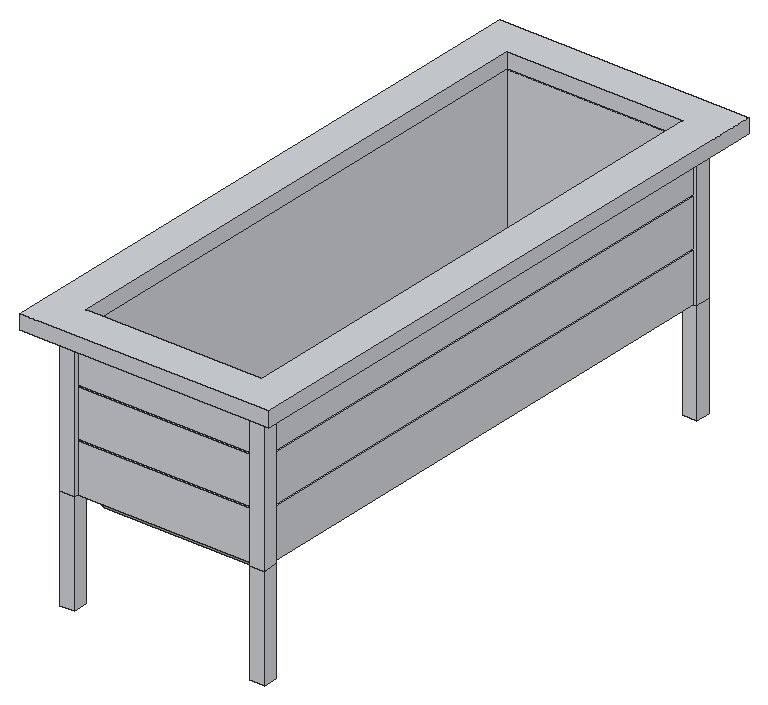
Revit family "Planter_Elevated_CityScapes", category Generic Models, Revit 2020
Family settings
  Can host rebar = No
  Round Connector Dimension = Use Diameter
  Part Type = Normal
  Work Plane-Based = No
  Always vertical = Yes
  Cut with Voids When Loaded = No
  Shared = No
  Room Calculation Point = No
Parameters (values of type "24 X 72 X 34")
  VoidDepth = 0' - 0 1/4"
  URL = "https://cityscapesinc.com/products/envisor"
  Trim_Width = 0' - 3"
  Trim_Depth = 0' - 2"
  Specification = "https://www.arcat.com/company/cityscapes-international-inc-40042/spec"
  Product Page URL = "https://www.arcat.com/arcatcos/cos40/arc40042.html"
  Planter_Material [instance] = none
  PL_Width = 2' - 0"
  PL_Length = 6' - 0"
  PL_LegHeight = 1' - 2"
  PL_Height = 1' - 8"
  PL_FrameThickness = 0' - 2"
  Material = none
  Manufacturer = "Envisor"
  Keynote = "32 94 33"
  Fascia_Depth = 0' - 0 5/8"
  Default Elevation = 0' - 0"
  Copyright = "ARCAT"
  CAD Details = "https://www.arcat.com/company/cityscapes-international-inc-40042/cad"
Types (4): name | Trim_Width | Trim_Depth | PL_Width | PL_Length | PL_LegHeight | PL_Height
  24 X 60 X34 | 0' - 4" | 0' - 0 3/4" | 2' - 0" | 5' - 0" | 1' - 2" | 1' - 8"
  24 X 48 X 34 | 0' - 4" | 0' - 0 3/4" | 4' - 0" | 1' - 6" | 1' - 0" | 2' - 0"
  18 X 48 X 34 | 0' - 4" | 0' - 0 3/4" | 1' - 6" | 4' - 0" | 1' - 2" | 1' - 8"
  24 X 72 X 34 | 0' - 3" | 0' - 2" | 2' - 0" | 6' - 0" | 1' - 2" | 1' - 8"
Reference planes (in)
  plane 1 "Center (Front/Back)": y = 0
  plane 2: z = 0
  plane 3 "Center (Left/Right)": x = 0
  plane 4: z = 14
  plane 5: z = 20.66667
  plane 6: z = 34
  plane 7: z = 36
  plane 8: y = 41
  plane 9: y = -41
  plane 10: y = 38
  plane 11: y = -38
  plane 12: x = -14
  plane 13: x = -12
  plane 14: x = 12
  plane 15: x = 14
  plane 16: x = -17
  plane 17: x = 17
  plane 18: y = 36
  plane 19: y = -36
  plane 20: z = 27.33333
  plane 21: x = -12.75
  plane 22: x = 12.75
  plane 23: x = -13.375
  plane 24: x = 13.375
  plane 25: y = 37.375
  plane 26: y = -37.375
  plane 27: y = 36.75
  plane 28: y = -36.75
  plane 29: z = 11.5
Forms (in)
  Extrusion 1, solid, material <- "Planter_Material"
    sketch origin (0, 0, 12) x (1, 0, 0) y (0, 1, 0)
      loop
        line (-12, 36) -> (-12, -36) -> (12, -36) -> (12, 36) -> (-12, 36)
      loop
        line (-14, 38) -> (-14, -38) -> (14, -38) -> (14, 38) -> (-14, 38)
    from 2 to 22
  Extrusion 2, solid, material <- "Planter_Material"
    sketch origin (0, 0, 12) x (1, 0, 0) y (0, 1, 0)
      loop
        line (-17, 41) -> (-17, -41) -> (17, -41) -> (17, 41) -> (-17, 41)
      loop
        line (12, 36) -> (-12, 36) -> (-12, -36) -> (12, -36) -> (12, 36)
    from 22 to 24
  Extrusion 3, solid, material <- "Planter_Material"
    sketch origin (0, 0, 0) x (1, 0, 0) y (0, 1, 0)
      loop
        line (-12, 38) -> (-14, 38) -> (-14, 36) -> (-12, 36) -> (-12, 38)
      loop
        line (14, 38) -> (12, 38) -> (12, 36) -> (14, 36) -> (14, 38)
      loop
        line (14, -36) -> (12, -36) -> (12, -38) -> (14, -38) -> (14, -36)
      loop
        line (-12, -38) -> (-12, -36) -> (-14, -36) -> (-14, -38) -> (-12, -38)
    from 0 to 14
  Extrusion 4, void
    sketch origin (0, 0, 0) x (1, 0, 0) y (0, 0, 1)
      loop
        line (-14, 34) -> (-14, 14) -> (-13.375, 14) -> (-13.375, 20.54167) -> (-12.75, 20.54167) -> (-12.75, 20.79167) -> (-13.375, 20.79167) -> (-13.375, 27.20833) -> (-12.75, 27.20833) -> (-12.75, 27.45833) -> (-13.375, 27.45833) -> (-13.375, 33.75) -> (-12.75, 33.75) -> (-12.75, 34) -> (-13.375, 34) -> (-14, 34)
      loop
        line (14, 14) -> (14, 34) -> (13.375, 34) -> (12.75, 34) -> (12.75, 33.75) -> (13.375, 33.75) -> (13.375, 27.45833) -> (12.75, 27.45833) -> (12.75, 27.20833) -> (13.375, 27.20833) -> (13.375, 20.79167) -> (12.75, 20.79167) -> (12.75, 20.54167) -> (13.375, 20.54167) -> (13.375, 14) -> (14, 14)
    from -36 to 36
  Extrusion 5, void
    sketch origin (0, 0, 0) x (0, 1, 0) y (0, 0, 1)
      loop
        line (-38, 34) -> (-38, 14) -> (-37.375, 14) -> (-37.375, 20.54167) -> (-36.75, 20.54167) -> (-36.75, 20.79167) -> (-37.375, 20.79167) -> (-37.375, 27.20833) -> (-36.75, 27.20833) -> (-36.75, 27.45833) -> (-37.375, 27.45833) -> (-37.375, 33.75) -> (-36.75, 33.75) -> (-36.75, 34) -> (-38, 34)
      loop
        line (38, 14) -> (38, 34) -> (36.75, 34) -> (36.75, 33.75) -> (37.375, 33.75) -> (37.375, 27.45833) -> (36.75, 27.45833) -> (36.75, 27.20833) -> (37.375, 27.20833) -> (37.375, 20.79167) -> (36.75, 20.79167) -> (36.75, 20.54167) -> (37.375, 20.54167) -> (37.375, 14) -> (38, 14)
    from -12 to 12
  Blend 6, solid, material <- "Planter_Material"
    base sketch origin (0, 0, 0) x (1, 0, 0) y (0, 1, 0)
      loop
        line (-12, 36) -> (-12, -36) -> (12, -36) -> (12, 36) -> (-12, 36)
    top sketch origin (0, 0, 0) x (1, 0, 0) y (0, 1, 0)
      loop
        line (-10.80111, 34.69242) -> (-10.80111, -34.30758) -> (10.19889, -34.30758) -> (10.19889, 34.69242) -> (-10.80111, 34.69242)
    from 14 to 11.5
  Blend 7, void
    base sketch origin (0, 0, 0) x (1, 0, 0) y (0, 1, 0)
      loop
        line (11.625, 35.625) -> (-11.625, 35.625) -> (-11.625, -35.625) -> (11.625, -35.625) -> (11.625, 35.625)
    top sketch origin (0, 0, 0) x (1, 0, 0) y (0, 1, 0)
      loop
        line (-10.80111, 34.94242) -> (-10.80111, -34.55758) -> (10.19889, -34.55758) -> (10.19889, 34.94242) -> (-10.80111, 34.94242)
    from 14 to 11.80439
Cuts and joins
  Extrusion 4, Extrusion 5 cuts Extrusion 1
  Extrusion 4, Extrusion 5 cuts Extrusion 2
Dimensions and locks (in)
  "PL_LegHeight": plane 4 to plane 2
  "Trim_Depth": plane 7 to plane 6
  "PL_Height": plane 6 to plane 4
  "PL_Length": plane 18 to plane 19
  "PL_Width": plane 13 to plane 14
  "PL_FrameThickness": plane 12 to plane 13
  "PL_FrameThickness": plane 14 to plane 15
  "PL_FrameThickness": plane 10 to plane 18
  "PL_FrameThickness": plane 19 to plane 11
  equal spacing: plane 6, plane 20, plane 5, plane 4
  equal spacing: plane 13, plane 3 "Center (Left/Right)", plane 14
  equal spacing: plane 18, plane 1 "Center (Front/Back)", plane 19
  "Trim_Width": plane 16 to plane 12
  "Trim_Width": plane 8 to plane 10
  "Trim_Width": plane 11 to plane 9
  "Trim_Width": plane 15 to plane 17
  "Fascia_Depth": plane 24 to plane 15
  locked: plane 22 to plane 24 at 0.625
  "Fascia_Depth": plane 10 to plane 25
  locked: plane 27 to plane 25 at 0.625
  "Fascia_Depth": plane 26 to plane 11
  locked: plane 26 to plane 28 at 0.625
  "Fascia_Depth": plane 12 to plane 23
  locked: plane 23 to plane 21 at 0.625
  equal spacing: Extrusion 4 sketch curve, plane 5, Extrusion 4 sketch curve  (x2)
  "VoidDepth": Extrusion 4 sketch curve to Extrusion 4 sketch curve  (x4)
  equal spacing: Extrusion 4 sketch curve, plane 20, Extrusion 4 sketch curve  (x2)
  "VoidDepth": plane 6 to Extrusion 4 sketch curve  (x2)
  "VoidDepth": plane 6 to Extrusion 5 sketch curve  (x2)
  equal spacing: Extrusion 5 sketch curve, plane 20, Extrusion 5 sketch curve  (x2)
  "VoidDepth": Extrusion 5 sketch curve to Extrusion 5 sketch curve  (x4)
  equal spacing: Extrusion 5 sketch curve, plane 5, Extrusion 5 sketch curve  (x2)
  locked: plane 4 to plane 29 at 2.5
  aligned and locked: plane 2 to level
  aligned and locked: plane 4 to Extrusion 3
  aligned and locked: Extrusion 2 sketch curve to plane 8
  aligned and locked: plane 9 to Extrusion 2 sketch curve
  aligned and locked: Extrusion 2 sketch curve to plane 17
  aligned and locked: Extrusion 2 sketch curve to plane 16
  aligned and locked: Extrusion 2 sketch curve to plane 13
  aligned and locked: plane 18 to Extrusion 2 sketch curve
  aligned and locked: Extrusion 2 sketch curve to plane 14
  aligned and locked: Extrusion 2 sketch curve to plane 19
  aligned and locked: Extrusion 1 sketch curve to plane 10
  aligned and locked: Extrusion 1 sketch curve to plane 18
  aligned and locked: Extrusion 1 sketch curve to plane 13
  aligned and locked: Extrusion 1 sketch curve to plane 12
  aligned and locked: plane 11 to Extrusion 1 sketch curve
  aligned and locked: plane 19 to Extrusion 1 sketch curve
  aligned and locked: Extrusion 1 sketch curve to plane 14
  aligned and locked: Extrusion 1 sketch curve to plane 15
  aligned and locked: plane 15 to Extrusion 3 sketch curve
  aligned and locked: Extrusion 3 sketch curve to plane 14
  aligned and locked: Extrusion 3 sketch curve to plane 18  (x2)
  aligned and locked: plane 10 to Extrusion 3 sketch curve  (x2)
  aligned and locked: Extrusion 3 sketch curve to plane 12  (x2)
  aligned and locked: plane 13 to Extrusion 3 sketch curve  (x2)
  aligned and locked: plane 11 to Extrusion 3 sketch curve
  aligned and locked: Extrusion 3 sketch curve to plane 19
  aligned and locked: Extrusion 3 sketch curve to plane 15
  aligned and locked: plane 14 to Extrusion 3 sketch curve
  aligned and locked: plane 19 to Extrusion 3 sketch curve
  aligned and locked: Extrusion 3 sketch curve to plane 11
  aligned and locked: Extrusion 3 to plane 4  (x4)
  aligned and locked: Extrusion 1 to Extrusion 3
  aligned and locked: plane 6 to Extrusion 1
  aligned and locked: Extrusion 2 to plane 6
  aligned and locked: plane 7 to Extrusion 2
  aligned and locked: Extrusion 4 sketch curve to Extrusion 1  (x2)
  aligned and locked: Extrusion 1 to Extrusion 4 sketch curve
  aligned and locked: Extrusion 4 sketch curve to plane 23
  aligned and locked: Extrusion 3 to Extrusion 4 sketch curve
  aligned and locked: Extrusion 4 sketch curve to Extrusion 3
  aligned and locked: plane 24 to Extrusion 4 sketch curve
  aligned and locked: plane 6 to Extrusion 4 sketch curve
  aligned and locked: plane 21 to Extrusion 4 sketch curve  (x3)
  aligned and locked: plane 22 to Extrusion 4 sketch curve  (x3)
  aligned and locked: Extrusion 5 sketch curve to plane 11
  aligned and locked: Extrusion 5 sketch curve to plane 26  (x3)
  aligned and locked: Extrusion 5 sketch curve to plane 6  (x2)
  aligned and locked: Extrusion 5 sketch curve to plane 4  (x2)
  aligned and locked: plane 28 to Extrusion 5 sketch curve  (x2)
  aligned and locked: Extrusion 5 sketch curve to cut or joined group of Extrusion 1, Extrusion 4, Extrusion 5
  aligned and locked: Extrusion 5 sketch curve to plane 25  (x3)
  aligned and locked: plane 27 to Extrusion 5 sketch curve  (x3)
  aligned and locked: cut or joined group of Extrusion 1, Extrusion 4, Extrusion 5 to plane 19
  aligned and locked: plane 18 to cut or joined group of Extrusion 1, Extrusion 4, Extrusion 5
  aligned and locked: cut or joined group of Extrusion 1, Extrusion 4, Extrusion 5 to plane 13
  aligned and locked: plane 14 to cut or joined group of Extrusion 1, Extrusion 4, Extrusion 5
  aligned and locked: Blend 6 sketch curve to plane 13
  aligned and locked: Blend 6 sketch curve to plane 19
  aligned and locked: Blend 6 sketch curve to plane 14
  aligned and locked: Blend 6 sketch curve to plane 18
  aligned and locked: plane 4 to Blend 6
  aligned and locked: Blend 6 to plane 29
  aligned and locked: plane 4 to Blend 7
Automatic sketch dimensions
  plane 13 to Blend 6 sketch curve = 0' - 1.19889"
  Blend 6 sketch curve to plane 14 = 0' - 1.80111"
  plane 19 to Blend 6 sketch curve = 0' - 1.69242"
  Blend 6 sketch curve to plane 18 = 0' - 1.30758"
  plane 13 to Blend 7 sketch curve = 0' - 1.19889"
  Blend 7 sketch curve to plane 14 = 0' - 1.80111"
  plane 19 to Blend 7 sketch curve = 0' - 1.44242"
  Blend 7 sketch curve to plane 18 = 0' - 1.05758"
  plane 13 to Blend 7 sketch curve = 0' - 0 3/8"
  Blend 7 sketch curve to plane 14 = 0' - 0 3/8"
  plane 19 to Blend 7 sketch curve = 0' - 0 3/8"
  Blend 7 sketch curve to plane 18 = 0' - 0 3/8"
  Extrusion 4 sketch curve to plane 23 = 0' - 0"  (x3)
  plane 24 to Extrusion 4 sketch curve = 0' - 0"  (x3)
  Extrusion 5 sketch curve to plane 28 = 0' - 0"
